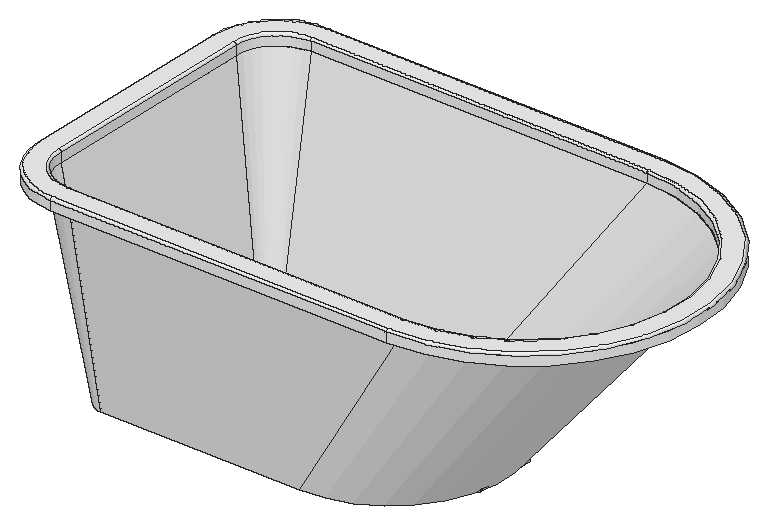
Revit family "NLRS_74_PF_UN_bad_S8VR10090000_SPHINX_BCB", category Plumbing Fixtures, Revit 2016
Family settings
  Part Type = Normal
  Round Connector Dimension = Use Radius
  OmniClass Number = 23.45.00.00
  OmniClass Title = Sanitary, Laundry, and Cleaning Equipment
  Work Plane-Based = No
  Always vertical = Yes
  Cut with Voids When Loaded = No
  Shared = No
  Room Calculation Point = No
Parameters (values of type "300 kids 76")
  NLRS_C_type = ""
  NLRS_C_serie = ""
  radius = 25 mm
  NLRS_C_revit_versie = "2016"
  NLRS_C_content_versie = "2.0"
  NLRS_C_content_provider = "BouwConnect"
  NLRS_C_content_datum_uitgifte = "APR-2018"
  NLRS_C_content_datum_gewijzigd = "APR-2018"
  NLRS_C_content_creator = "BouwConnect"
  NLRS_C_URL_product_data = ""
  NLRS_C_code_artikel = "S8H1D000000"
  Waste Connection = yes
  WFU = 0
  URL = "http://www.sphinx.nl/"
  NLRS_S_gewicht = 0.00 kg
  NLRS_C_materiaal = NLRS_n6_acryl_wit_Sphinx
  NLRS_C_lengte = 0 mm
  NLRS_C_hoogte = 0 mm
  NLRS_C_diameter_uit = 50 mm
  NLRS_C_breedte = 0 mm
  Model = "300 kids"  # constant formula
  Manufacturer = "Sphinx"  # constant formula
  Keynote = "kinderbad 76cm"
  IfcTypeProduct = "IfcSanitaryTerminalType"
  IfcExportType = "BATH"
  IfcExportAs = "IfcSanitaryTerminalTypeEnum"
  IfcElement = "IfcFlowTerminal"
  NLRS_C_code_EAN = ""
  Description = "bad"
  NLRS_C_URL_BCB = "http://bcb-online.nl/?zoekterm=Sphinx+++%5bGeberit+B.V.%5d"
  Assembly Code = "4(74.11)"
Reference planes
  plane 1 "Center (Front/Back)": y = 0
  plane 2: z = 0
  plane 3 "Center (Left/Right)": x = 0
Forms (mm)
  Sweep 1, solid, material "NLRS_n6_acryl_wit_Sphinx" <- "NLRS_C_materiaal", detail levels medium+fine
    path origin (140, -230.002, -286.955) x (1, 0, 0) y (0, 1, 0)
      loop
        arc (-139.998, -145) -> (-115.102, -205.104) -> (-54.998, -230) r 85
        line (-54.998, -230) -> (390, -230)
        arc (390, -230) -> (620, 0) -> (390, 230) r 230
        line (390, 230) -> (-55, 230)
        arc (-55, 230) -> (-115.307, 204.9) -> (-139.998, 144.424) r 85
        line (-139.998, 144.424) -> (-139.998, -145)
    profile origin (0.002, -230.29, -286.955) x (-1, 0, 0) y (0, 0, 1)
      loop
        line (0.002, 272) -> (0.002, 284)
        arc (0.002, 284) -> (-0.877, 286.123) -> (-3, 287.002) r 3.002
        line (-3, 287.002) -> (-26.998, 287.002)
        arc (-26.998, 287.002) -> (-29.119, 286.122) -> (-29.998, 284) r 3.002
        line (-29.998, 284) -> (-29.998, 272) -> (0.002, 272)
  Blend 2, void, detail levels medium+fine
    base sketch origin (140, -230.002, -286.955) x (1, 0, 0) y (0, 1, 0)
      loop
        arc (-51.33, 150) -> (-65.472, 144.142) -> (-71.33, 130) r 20
        line (-71.33, 130) -> (-71.33, -130)
        arc (-71.33, -130) -> (-65.472, -144.142) -> (-51.33, -150) r 20
        line (-51.33, -150) -> (211.668, -150)
        arc (211.668, -150) -> (361.668, 0) -> (211.668, 150) r 150
        line (211.668, 150) -> (-51.33, 150)
    top sketch origin (140, -230.002, -286.955) x (1, 0, 0) y (0, 1, 0)
      loop
        line (390, 200.002) -> (-55, 200.002)
        arc (-55, 200.002) -> (-93.891, 183.893) -> (-110, 145.002) r 55
        line (-110, 145.002) -> (-110, -145)
        arc (-110, -145) -> (-93.89, -183.892) -> (-54.998, -200.002) r 55.002
        line (-54.998, -200.002) -> (390, -200.002)
        arc (390, -200.002) -> (590.002, 0) -> (390, 200.002) r 200.002
    from 13.041 to 272
  Blend 3, solid, material "NLRS_n6_acryl_wit_Sphinx" <- "NLRS_C_materiaal", detail levels medium+fine
    base sketch origin (140, -230.002, -286.955) x (1, 0, 0) y (0, 1, 0)
      loop
        arc (-51.33, 152) -> (-66.886, 145.556) -> (-73.33, 130) r 22
        line (-73.33, 130) -> (-73.33, -130)
        arc (-73.33, -130) -> (-66.886, -145.556) -> (-51.33, -152) r 22
        line (-51.33, -152) -> (211.668, -152)
        arc (211.668, -152) -> (363.668, 0) -> (211.668, 152) r 152
        line (211.668, 152) -> (-51.33, 152)
    top sketch origin (140, -230.002, -286.955) x (1, 0, 0) y (0, 1, 0)
      loop
        arc (-55, 202.002) -> (-95.305, 185.307) -> (-112, 145.002) r 57
        line (-112, 145.002) -> (-112, -145)
        arc (-112, -145) -> (-95.305, -185.306) -> (-54.998, -202.002) r 57.002
        line (-54.998, -202.002) -> (390, -202.002)
        arc (390, -202.002) -> (592.002, 0) -> (390, 202.002) r 202.002
        line (390, 202.002) -> (-55, 202.002)
    from 0 to 272
  Extrusion 4, solid, material "NLRS_n6_acryl_wit_Sphinx" <- "NLRS_C_materiaal", detail levels medium+fine
    sketch origin (140, -230.002, -287) x (1, 0, 0) y (0, 0, 1)
      loop
        line (-51.218, 0.002) -> (358.338, 0.002)
        arc (358.338, 0.002) -> (361.677, 1.28) -> (363.309, 4.461) r 4.998
        line (363.309, 4.461) -> (363.598, 7.773) -> (-56.117, 4.984)
        arc (-56.117, 4.984) -> (-54.669, 1.508) -> (-51.218, 0.002) r 5.047
    from -40 to -30
  Extrusion 5, solid, material "NLRS_n6_acryl_wit_Sphinx" <- "NLRS_C_materiaal", detail levels medium+fine
    sketch origin (140, -230.002, -287) x (1, 0, 0) y (0, 0, -1)
      loop
        arc (-51.218, -0.002) -> (-54.669, -1.508) -> (-56.117, -4.984) r 5.047
        line (-56.117, -4.984) -> (363.598, -7.773) -> (363.309, -4.461)
        arc (363.309, -4.461) -> (361.677, -1.28) -> (358.338, -0.002) r 4.998
        line (358.338, -0.002) -> (-51.218, -0.002)
    from -40 to -30
  Extrusion 6, solid, material "NLRS_n6_acryl_wit_Sphinx" <- "NLRS_C_materiaal", detail levels coarse
    sketch origin (140, -230.002, -286.955) x (1, 0, 0) y (0, 1, 0)
      loop
        line (-140, 144.424) -> (-140, -145)
        arc (-140, -145) -> (-115.104, -205.105) -> (-54.998, -230.002) r 85.002
        line (-54.998, -230.002) -> (390, -230.002)
        arc (390, -230.002) -> (620.002, 0) -> (390, 230.002) r 230.002
        line (390, 230.002) -> (-55, 230.002)
        arc (-55, 230.002) -> (-115.309, 204.901) -> (-140, 144.424) r 85.002
    from 0.002 to 286.957
  Extrusion 7, void, detail levels coarse+fine
    sketch origin (140, -230.002, -286.955) x (1, 0, 0) y (0, 1, 0)
      loop
        arc (-55, 200.002) -> (-94.056, 183.728) -> (-110, 144.536) r 55.002
        line (-110, 144.536) -> (-110, -145)
        arc (-110, -145) -> (-93.89, -183.892) -> (-54.998, -200.002) r 55.002
        line (-54.998, -200.002) -> (390, -200.002)
        arc (390, -200.002) -> (590.002, 0) -> (390, 200.002) r 200.002
        line (390, 200.002) -> (-55, 200.002)
    from 13.041 to 290
  Extrusion 8, void, detail levels fine
    sketch origin (0, 0, -286.955) x (1, 0, 0) y (0, 1, 0)
      loop
        circle (93, -230.002) r 23
    from 0 to 250
  Extrusion 9, solid, not visible
    sketch origin (0, 0, -287) x (1, 0, 0) y (0, 1, 0)
      loop
        circle (93, -230.002) r 25
    from 0 to 5
Cuts and joins
  Blend 2, Extrusion 8 cuts Blend 3
  Extrusion 7 cuts Extrusion 6
  Extrusion 7 cuts Sweep 1
Dimensions and locks
  aligned and locked: level to plane 2
Connectors
  piping at (93, -230.002, -286.955), diameter 50, driven by "WFU", driven by "radius"
    settings: on cut or joined group of Blend 2, Blend 3, Extrusion 8, index 1, connector inside diameter 50 mm, connector length 0 mm, flow factor 0, pipe flow 0.0 L/s, pressure drop 0.0 Pa, fitting loss kfactor 0, connector angle 0.00°, fixture units 0, engagement length 0 mm, angle of deflection 0.00°, flow configuration 3, flow direction 2, fitting loss method 0, system type 16, joint type 0, gender type 0, connector reference index -1, connector utility 0, adjustable connector no, is connector primary yes, connector description "out"
